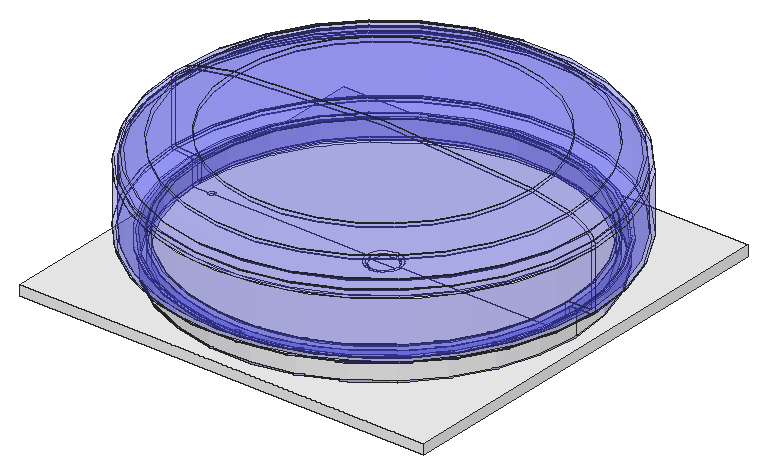
Revit family "BE_50037_de_DE", category Leuchten, Revit 2020
Family settings
  Basisbauteil = Fläche
  Bemaßung runder Anschluss = Durchmesser verwenden
  Teiletyp = Normal
  Beim Laden mit Abzugskörper schneiden = Ja
  Lichtquelle = Ja
  Gemeinsam genutzt = Nein
  Raumberechnungspunkt = Ja
Parameters (values of type "BEGA_50037_K4")
  built-in parameter 1150104 = 12.077 (stored number, unit not read)
  Wattage = 28.1 W
  Default Elevation = 0 mm
  built-in parameter 1150113 = 1 (stored number, unit not read)
  built-in parameter 1114218 = 1 (stored number, unit not read)
  Umgebungstemperatur = "25 °C"
  URL = "https://www.bega.com/de/produkt/50037"
  Typenkommentare = "© 2022 BEGA. Wir behalten uns das Recht vor, technische Änderungen ohne vorherige Ankündigung vorzunehmen."  # constant formula
  built-in parameter 1150134 = (empty or 0)
  built-in parameter 1150109 = 1 (stored number, unit not read)
  Strom = ""
  built-in parameter 1150110 = 1 (stored number, unit not read)
  Spannung = 239.996 V
  Sonderanfertigung = no
  Seriennummer [instance] = "Hier können Sie die eindeutige Seriennummer für das Facility Management eintragen."
  Schutzklasse = "I"
  Schutzart = "IP 20"
  Scheinlast = 0 VA
  Produktdatenblatt = "http://www.bega.de/download/Xrfa/db/50037.db.de.pdf"
  Oberflächentemperatur = ""
  Neigungswinkel = 0.00°
  Model = "50037K2"
  Material_17 = BEGA_Reflektor
  Material_15 = BEGA_Leuchtmedium_matt
  Material_11 = BEGA_Glas_opal
  Material_09 = BEGA_Glas_klar
  Material_06 = BEGA_Oberfläche_Edelstahl_gebürstet
  Material_03 = BEGA_Oberfläche_Weiss_matt
  Material_02 = BEGA_Oberfläche_Silber_matt
  Material_01 [instance] = BEGA_Oberfläche_Grafit_matt
  M_W = no
  M_G = no
  M_A = no
  Logo = 0
  built-in parameter 1114217 = 1 (stored number, unit not read)
  built-in parameter 1150139 = (empty or 0)
  built-in parameter 1150105 = 773.29 (stored number, unit not read)
  built-in parameter 1150114 = 1 (stored number, unit not read)
  Lumens = 3653 lm
  built-in parameter 1150115 = 1 (stored number, unit not read)
  Leuchtenlichtstrom = "2396 lm"
  Leuchtenanzahl = ""
  Lebensdauerkriterien = "L70B50 @ 25 °C = 330000 h"
  Lastklassifizierung = Beleuchtung
  built-in parameter 1150112 = 1 (stored number, unit not read)
  Lampenlichtstrom = "3655 lm"
  Lamp = "LED 28.1 W"
  LED_Modulbezeichnung = "LED-0630/927"
  Hersteller = "BEGA"  # constant formula
  Halbstreuwinkel = ""
  Gewicht = "5.0 kg"
  Gebrauchslageneinschränkung [instance] = ""
  Frequenz = "0/50-60 Hz"
  Farbwiedergabeindex = "CRI > 90"
  Farbtemperaturverschiebung bei Dämpfen der Lampe = <Keine Auswahl>
  Farbtemperatur = "2700 K"
  Color Filter = 16777215
  built-in parameter 1150133 = 10 (stored number, unit not read)
  Energieeffizienzklasse = "LED A++ - A"
  built-in parameter 1150137 = (empty or 0)
  built-in parameter 1150132 = (empty or 0)
  ENEC = "ja"
  Dimmbar [instance] = "DALI"
  Photometric Web File = "BE_50037K2.IES"
  CE_Konformität = "ja"
  Bestellnummer = "50037K2"
  Beschreibung_Sonderanfertigung = "Hier können Sie Informationen zur Sonderanfertigung eintragen."
  Beschreibung = "Decken- und Wandleuchte"
  built-in parameter 1150106 = 7.7329 (stored number, unit not read)
  Befestigungsbohrung = "Ø 6 mm"
  Befestigungsabstand = "340 mm"
  Ballwurfsicher = ""
  BEGA_Intern_aus = yes
  BEGA_Intern_an = yes
  BEGA_Intern_Konstruktion = yes
  BEGA_Intern = yes
  BEGA_IES = yes
  BEGA_Dummy = no
  Anschlussleitung = ""
  Anschlussleistung [instance] = "32.2 W"
  Anschlusskasten = ""
  built-in parameter 1150107 = 2700 (stored number, unit not read)
  built-in parameter 1150102 = (empty or 0)
  built-in parameter 1150138 = (empty or 0)
  Aktualisierung = "2020-05-11T04:00:10"
  Abstand_zur_angestrahlten_Fläche [instance] = ""
  AC/DC = "AC/DC"
Types (3, lengths in mm): name | built-in parameter 1150104 | built-in parameter 1150134 | Model | built-in parameter 1150105 | Lumens | Leuchtenlichtstrom | Lampenlichtstrom | LED_Modulbezeichnung | Farbtemperatur | Photometric Web File | Bestellnummer | built-in parameter 1150106 | built-in parameter 1150107
  BEGA_50037_K4 | 12.635 (stored number, unit not read) | 12 | "50037K4" | 304.11 (stored number, unit not read) | 3821.6 lm | "2937 lm" | "4480 lm" | "LED-0630/940" | "4000 K" | "BE_50037K4.IES" | "50037K4" | 3.0411 (stored number, unit not read) | 4000 (stored number, unit not read)
  BEGA_50037_K3 | 12.18 (stored number, unit not read) | (empty or 0) | "50037K3" | 779.93 (stored number, unit not read) | 3683.91 lm | "5458 lm" | "8325 lm" | "LED-0630/930" | "3000 K" | "BE_50037K3.IES" | "50037K3" | 7.7993 (stored number, unit not read) | 3000 (stored number, unit not read)
  BEGA_50037_K27 | 12.635 (stored number, unit not read) | 12 | "50037K27" | 304.11 (stored number, unit not read) | 3821.6 lm | "2730 lm" | "4165 lm" | "LED-0630/927" | "2700 K" | "BE_50037K27.IES" | "50037K27" | 3.0411 (stored number, unit not read) | 4000 (stored number, unit not read)
Reference planes
  plane 1 "Mitte (Vorne/Hinten)": y = 0
  plane 2: z = 0
  plane 3 "Mitte (Links/Rechts)": x = 0
  plane 4 "Links": x = -210
  plane 5 "Rechts": x = 210
  plane 6 "Unten": y = -210
  plane 7 "Oben": y = 210
  plane 8 "Vorne": z = 127.8
  plane 9 "Hinten": z = 0
Forms (mm)
  Extrusion 1, solid, material "BEGA_Platte_Weiss"
    sketch origin (0, -1119.2, 0) x (1, 0, 0) y (0, 1, 0)
      loop
        line (-200, 1319.2) -> (-200, 919.2) -> (200, 919.2) -> (200, 1319.2) -> (-200, 1319.2)
    from 0 to -10
  Extrusion 2, solid, material "BEGA_Dummy_matt", visible <- "BEGA_Dummy"
    sketch origin (77.149, -76.023, 0) x (1, 0, 0) y (0, 1, 0)
      loop
        circle (-77.149, 76.023) r 210
    from 0 to 127.8
Dimensions and locks
  plane 1 "Mitte (Vorne/Hinten)" to Extrusion 1 = 200 mm
  aligned and locked: plane 2 to Extrusion 1
  aligned and locked: level to Extrusion 1
Nested families
  nested 1: "BE_50037" at (0, 0, 0) x (0, -1, 0) z (0, 0, 1), type "BE_50037"
Connectors
  electrical at (0, 0, 0), driven by "Lastklassifizierung", driven by "Spannung", driven by "Scheinlast"
    settings: index 1, voltage 239.996 V, apparent load 0 VA, apparent load phase1 0 VA, apparent load phase2 0 VA, apparent load phase3 0 VA, power factor 1, load classification "Beleuchtung", number of poles 1, system type 31, power factor state 1, is connector primary yes, connector utility no, sub classification motor no, connector description ""
Definition of nested family "BE_50037"
  Parameters (values of type "BE_50037")
    Default Elevation = 1 mm
    URL = "http://www.bega.de/de/produkt"
    Type Comments = "© 2015 BEGA. Wir behalten uns das Recht vor, technische Änderungen ohne vorherige Ankündigung vorzunehmen. "  # constant formula
    Type Image = (empty or 0)
    Neigungswinkel_um_Z2 = 0.00°
    Neigungswinkel_um_Z1 = 0.00°
    Neigungswinkel_um_Y2 = 0.00°
    Neigungswinkel_um_Y1 = 0.00°
    Neigungswinkel_um_X2 = 0.00°
    Neigungswinkel_um_X1 = 0.00°
    Material_17 = none
    Material_15 = none
    Material_11 = none
    Material_09 = none
    Material_06 = none
    Material_05 = none
    Material_03 = none
    Material_02 = none
    Material_01 = none
    M_W = yes
    M_G = yes
    M_A = yes
    Länge_Platte = 600 mm  # constant formula
    Höhe_Platte = -10 mm  # constant formula
    Manufacturer = "BEGA"  # constant formula
    Drehwinkel_um_Z2 = 0.00°
    Drehwinkel_um_Z1 = 0.00°
    Breite_Platte = 600 mm  # constant formula
  Reference planes
    plane 1 "Mitte (Oben/Unten)": y = 0
    plane 2: z = 0
    plane 3 "Mitte (Links/Rechts)": x = 0
    plane 4: y = 210
    plane 5: z = 127.8
    plane 6: y = -210
    plane 7: x = -210
    plane 8: x = 210
  Forms (mm)
    Extrusion 1, solid, detail levels medium
      sketch origin (0, 0, 0) x (1, 0, 0) y (0, 1, 0)
        loop
          line (-300, 300) -> (-300, -300) -> (300, -300) -> (300, 300) -> (-300, 300)
      from 0 to -10 <- "Höhe_Platte"
    Revolve 2, solid, material <- "Material_03", detail levels medium+fine
      sketch origin (0, 0, 0) x (0, 1, 0) y (0, 0, 1)
        loop
          arc (16.416, 3.3) -> (15.11, 2.929) -> (14.191, 1.93) r 2.5
          arc (14.191, 1.93) -> (13.639, 1.325) -> (12.852, 1.1) r 1.5
          line (12.852, 1.1) -> (0.002, 1.1) -> (0.002, 0.1) -> (13.076, 0.1)
          arc (13.076, 0.1) -> (14.387, 0.471) -> (15.313, 1.475) r 2.5
          arc (15.313, 1.475) -> (15.866, 2.077) -> (16.653, 2.3) r 1.5
          line (16.653, 2.3) -> (188.667, 2.3)
          arc (188.667, 2.3) -> (190.064, 2.868) -> (190.667, 4.25) r 2
          line (190.667, 4.25) -> (191.038, 25.509)
          arc (191.038, 25.509) -> (191.277, 26.071) -> (191.842, 26.3) r 0.8
          line (191.842, 26.3) -> (194, 26.3) -> (194, 27.3) -> (191.844, 27.3)
          arc (191.844, 27.3) -> (190.578, 26.786) -> (190.038, 25.531) r 1.8
          line (190.038, 25.531) -> (189.667, 4.275)
          arc (189.667, 4.275) -> (189.365, 3.584) -> (188.667, 3.3) r 1
          line (188.667, 3.3) -> (16.416, 3.3)
        axis (0.002, 0.1) -> (0.002, 27.3)
      angle from 0 to 360
    Revolve 3, solid, material <- "Material_03", detail levels medium+fine
      sketch origin (87.5, 0, 0) x (0, 1, 0) y (0, 0, 1)
        loop
          line (151.554, 0) -> (151.554, 2.691) -> (145.799, 2.691)
          arc (145.799, 2.691) -> (148.377, 0.706) -> (151.554, 0) r 7.5
        axis (151.554, 2.691) -> (151.554, 0)
      angle from 0 to 360
    Extrusion 4, void
      sketch origin (0, 0, 0) x (1, 0, 0) y (0, 1, 0)
        loop
          circle (163, 18) r 8.5
        loop
          circle (163, -18) r 8.5
        loop
          circle (0, 170) r 3
        loop
          circle (0, -170) r 3
      from 0 to 7.205
    Revolve 5, solid, material <- "Material_11", detail levels medium+fine
      sketch origin (0, 0, 0) x (0, 1, 0) y (0, 0, 1)
        loop
          arc (185.037, 111.947) -> (166.501, 116.443) -> (147.656, 119.387) r 230
          arc (147.656, 119.387) -> (73.948, 125.695) -> (0, 127.8) r 1299.91
          line (0, 127.8) -> (0, 123.8)
          arc (0, 123.8) -> (73.763, 121.699) -> (147.287, 115.403) r 1295.91
          arc (147.287, 115.403) -> (165.775, 112.509) -> (183.961, 108.094) r 226
          arc (183.961, 108.094) -> (193.162, 104.323) -> (201.339, 98.662) r 46
          arc (201.339, 98.662) -> (203.744, 95.883) -> (205.275, 92.542) r 13
          arc (205.275, 92.542) -> (205.818, 90.189) -> (206, 87.78) r 16
          line (206, 87.78) -> (206, 32.958) -> (182.901, 31.748)
          arc (182.901, 31.748) -> (180.841, 30.798) -> (180, 28.691) r 3.061
          line (180, 28.691) -> (180, 10.3) -> (184, 10.3) -> (184, 26.851)
          arc (184, 26.851) -> (184.275, 27.539) -> (184.948, 27.85) r 1
          line (184.948, 27.85) -> (207.172, 29.014)
          arc (207.172, 29.014) -> (209.181, 29.95) -> (210, 32.009) r 3
          line (210, 32.009) -> (210, 87.839)
          arc (210, 87.839) -> (209.678, 91.376) -> (208.735, 94.8) r 20
          arc (208.735, 94.8) -> (206.78, 98.538) -> (203.964, 101.679) r 17
          arc (203.964, 101.679) -> (195.06, 107.844) -> (185.037, 111.947) r 50
        axis (0, 127.8) -> (0, 10.3)
      angle from 0 to 360
    Revolve 6, solid, material <- "Material_03", detail levels medium+fine
      sketch origin (-43.75, -75.777, 0) x (0.866025, -0.5, 0) y (0, 0, 1)
        loop
          line (151.554, 0) -> (151.554, 2.691) -> (145.799, 2.691)
          arc (145.799, 2.691) -> (148.377, 0.706) -> (151.554, 0) r 7.5
        axis (151.554, 2.691) -> (151.554, 0)
      angle from 0 to 360
    Revolve 7, solid, material <- "Material_03", detail levels medium+fine
      sketch origin (-43.75, 75.777, 0) x (-0.866025, -0.5, 0) y (0, 0, 1)
        loop
          line (151.554, 0) -> (151.554, 2.691) -> (145.799, 2.691)
          arc (145.799, 2.691) -> (148.377, 0.706) -> (151.554, 0) r 7.5
        axis (151.554, 2.691) -> (151.554, 0)
      angle from 0 to 360
  Cuts and joins
    Extrusion 4 cuts Revolve 2
    Extrusion 4 cuts Revolve 3
    joined: Revolve 2, Revolve 3, Revolve 6, Revolve 7
  Dimensions and locks
    equal spacing: Extrusion 1 sketch curve, plane 3 "Mitte (Links/Rechts)", Extrusion 1 sketch curve
    equal spacing: Extrusion 1 sketch curve, plane 1 "Mitte (Oben/Unten)", Extrusion 1 sketch curve
    "Länge_Platte": Extrusion 1 sketch curve to Extrusion 1 sketch curve
    "Breite_Platte": Extrusion 1 sketch curve to Extrusion 1 sketch curve
    aligned and locked: Extrusion 1 to plane 2
    aligned and locked: level to Extrusion 1
  Automatic sketch dimensions
    Revolve 2 sketch curve to Revolve 2 sketch curve = 0 mm  (x14)
    level to Revolve 2 sketch curve = 2.6 mm
    Revolve 2 sketch curve to plane 1 "Mitte (Oben/Unten)" = 12.849 mm
    Revolve 2 sketch curve to Revolve 2 sketch curve = 0.003 mm
    Revolve 2 sketch curve to Revolve 2 sketch curve = 0.227 mm
    Revolve 2 sketch curve to Revolve 2 sketch curve = 3.34 mm
    level to Revolve 2 sketch curve = 0.8 mm
    Revolve 2 sketch curve to Revolve 2 sketch curve = 0.005 mm
    Revolve 2 sketch curve to Revolve 2 sketch curve = 0.236 mm
    level to Revolve 2 sketch curve = 3.3 mm
    level to Revolve 2 sketch curve = 4.275 mm
    Revolve 2 sketch curve to Revolve 2 sketch curve = 1 mm  (x6)
    level to Revolve 2 sketch curve = 4.25 mm
    Revolve 2 sketch curve to Revolve 2 sketch curve = 0.8 mm
    Revolve 2 sketch curve to Revolve 2 sketch curve = 0.004 mm  (x2)
    Revolve 2 sketch curve to Revolve 2 sketch curve = 0.002 mm
    Revolve 2 sketch curve to Revolve 2 sketch curve = 2.158 mm
    level to Revolve 2 sketch curve = 0.1 mm
    Revolve 2 sketch curve to Revolve 2 sketch curve = 21.25 mm
    Revolve 2 sketch curve to Revolve 2 sketch curve = 0.009 mm
    Revolve 2 sketch curve to plane 1 "Mitte (Oben/Unten)" = 0.002 mm
    Revolve 2 sketch curve to Revolve 2 sketch curve = 1.118 mm
    Revolve 3 sketch curve to Revolve 3 sketch curve = 0 mm  (x3)
    Revolve 3 sketch curve to Revolve 3 sketch curve = 4.809 mm
    Revolve 3 sketch curve to Revolve 3 sketch curve = 2.309 mm
    Revolve 3 sketch curve to Revolve 3 sketch curve = 5.756 mm
    Revolve 6 sketch curve to Revolve 6 sketch curve = 0 mm  (x3)
    Revolve 6 sketch curve to Revolve 6 sketch curve = 4.809 mm
    Revolve 6 sketch curve to Revolve 6 sketch curve = 2.309 mm
    Revolve 6 sketch curve to Revolve 6 sketch curve = 5.756 mm
    Revolve 7 sketch curve to Revolve 7 sketch curve = 0 mm  (x3)
    Revolve 7 sketch curve to Revolve 7 sketch curve = 4.809 mm
    Revolve 7 sketch curve to Revolve 7 sketch curve = 2.309 mm
    Revolve 7 sketch curve to Revolve 7 sketch curve = 5.756 mm
    Revolve 3 sketch curve to level = 0 mm
    Revolve 6 sketch curve to level = 0 mm
    level to Revolve 7 sketch curve = 0 mm
    plane 1 "Mitte (Oben/Unten)" to Extrusion 4 sketch curve = 18 mm
    Extrusion 4 sketch curve to plane 1 "Mitte (Oben/Unten)" = 18 mm
    Revolve 5 sketch curve to Revolve 5 sketch curve = 0 mm  (x18)
    plane 1 "Mitte (Oben/Unten)" to Revolve 5 sketch curve = 0 mm
    Revolve 5 sketch curve to plane 1 "Mitte (Oben/Unten)" = 0.006 mm
    Revolve 5 sketch curve to Revolve 5 sketch curve = 2.901 mm
    Revolve 5 sketch curve to Revolve 5 sketch curve = 3.061 mm
    Revolve 5 sketch curve to Revolve 5 sketch curve = 4 mm  (x3)
    Revolve 5 sketch curve to Revolve 5 sketch curve = 1 mm  (x2)
    Revolve 5 sketch curve to Revolve 5 sketch curve = 2.81 mm
    Revolve 5 sketch curve to Revolve 5 sketch curve = 13.19 mm
    Revolve 5 sketch curve to Revolve 5 sketch curve = 0.172 mm
    Revolve 5 sketch curve to level = 1172.111 mm
    Revolve 5 sketch curve to level = 109.132 mm
    level to Revolve 5 sketch curve = 10.3 mm
    Revolve 5 sketch curve to Revolve 5 sketch curve = 16.551 mm
    Revolve 5 sketch curve to Revolve 5 sketch curve = 1.84 mm
    Revolve 5 sketch curve to Revolve 5 sketch curve = 2.163 mm
    Revolve 5 sketch curve to Revolve 5 sketch curve = 2.995 mm
    Revolve 5 sketch curve to Revolve 5 sketch curve = 0.949 mm
    Revolve 5 sketch curve to Revolve 5 sketch curve = 32.146 mm
    Revolve 5 sketch curve to Revolve 5 sketch curve = 0.02 mm
    Revolve 5 sketch curve to Revolve 5 sketch curve = 0.059 mm
    Revolve 5 sketch curve to Revolve 5 sketch curve = 1.05 mm
    Revolve 5 sketch curve to Revolve 5 sketch curve = 0.369 mm
    Revolve 5 sketch curve to Revolve 5 sketch curve = 6.039 mm
    Revolve 5 sketch curve to Revolve 5 sketch curve = 0.052 mm
    Revolve 5 sketch curve to Revolve 5 sketch curve = 2.626 mm
    Revolve 5 sketch curve to Revolve 5 sketch curve = 3.46 mm
    Revolve 5 sketch curve to Revolve 5 sketch curve = 23.886 mm
    level to Revolve 5 sketch curve = 123.8 mm
    Revolve 5 sketch curve to Revolve 5 sketch curve = 1.076 mm
    Revolve 5 sketch curve to Revolve 5 sketch curve = 4.661 mm
    Revolve 5 sketch curve to Revolve 5 sketch curve = 0.725 mm
    Revolve 5 sketch curve to Revolve 5 sketch curve = 6.968 mm
    Revolve 2 sketch curve to Revolve 2 sketch curve = 172.015 mm
    Revolve 2 sketch curve to Revolve 2 sketch curve = 0.371 mm
    Revolve 3 sketch curve to plane 1 "Mitte (Oben/Unten)" = 145.799 mm
    Revolve 5 sketch curve to plane 1 "Mitte (Oben/Unten)" = 121.603 mm
    Revolve 5 sketch curve to plane 1 "Mitte (Oben/Unten)" = 171.218 mm
    Revolve 5 sketch curve to Revolve 5 sketch curve = 8.782 mm
    Revolve 5 sketch curve to Revolve 5 sketch curve = 18.782 mm
    Revolve 5 sketch curve to Revolve 5 sketch curve = 36.674 mm
    Extrusion 4 sketch curve to plane 3 "Mitte (Links/Rechts)" = 0 mm  (x2)
    plane 3 "Mitte (Links/Rechts)" to Extrusion 4 sketch curve = 163 mm
    Extrusion 4 sketch curve to Extrusion 4 sketch curve = 0 mm
    plane 6 to Extrusion 4 sketch curve = 40 mm
    plane 4 to Extrusion 4 sketch curve = 40 mm
    radius of Extrusion 4 sketch curve = 8.5 mm  (x2)
    radius of Extrusion 4 sketch curve = 3 mm  (x2)
